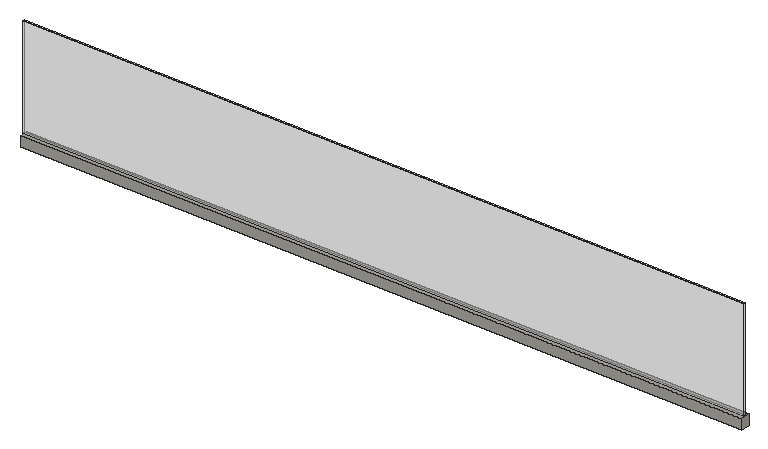
Revit family "Columns_&_Screens-Teknion-RCSLG_Lateral_Screen_for_Spine_Desk_Glass-R2019", category Furniture, Revit 2019
Family settings
  OmniClass Number = 23.40.20.00
  OmniClass Title = General Furniture and Specialties
  Work Plane-Based = No
  Always vertical = Yes
  Cut with Voids When Loaded = No
  Shared = Yes
  Room Calculation Point = No
Parameters (values of type "From Rear Edge, 42" High Datum Line With Desk-Mounted Option")
  Width [instance] = 84.000"
  Warranty = "http://www.teknion.com/ca/papers/legal-canada"
  Unit Weight URL = "http://www.teknion.com/ca/tools/assets#&asset=bee6a381-b954-425e-8283-5a2de3a804f2,f828d448-4b62-4231-9e5f-9a8991c0ed77"
  URL = "www.teknion.com"
  To render please download texture images found here [instance] = "https://assets.teknion.com/web/5e81352c1dfdb467/revit-material-swatches/"
  Sustainability Data = "https://www.teknion.com/ca/tools/assets#&topic=216f99a5-57a0-44fc-b10a-9dee9b29ae4c&asset=444deb64-fe58-4b68-981e-f75e97781df7,b4ff2d81-9f2e-437d-9659-7cffb09c31cf"
  Supporting Frame Finish [instance] = Paint - Teknion - Mica - Titanium Grey
  Series = "Expansion Desking"  # constant formula
  Screen Offset = if(From Two Central Screens, 0.508", 0.000")  # 0.000"
  Product Page URL = "https://www.teknion.com/ca/products/product-details?productLineId=2b4e336e-8e7a-673b-a6c8-ff00004460c4"
  Product Line = "Expansion Desking"  # constant formula
  Product Documentation Link = "https://www.teknion.com/pricing/expansion-desking/pdfs/RCSLG_ppg.pdf"
  Part Number = "RCSLG"  # constant formula
  Model = "RCSLGE13__"
  Manufacturer Phone = "416-661-3370"  # constant formula
  Manufacturer Fax = "416.661.4586"  # constant formula
  Manufacturer Contact Information = "http://www.teknion.com/ca/contactus"
  Manufacturer Address = "1150 Flint Road, Toronto, ON. M3J 2J5. Canada"  # constant formula
  Manufacturer = "Teknion"  # constant formula
  From Two Mounted Storage = no
  How To Use Teknion Materials User Guide [instance] = "https://assets.teknion.com/m/205dd0a49fa58060/original/How-to-add-a-Material-Library-and-Texture-Images-to-your-Revit-project.pdf"
  Height = 42.000"
  Glass Finish [instance] = Glass - Teknion - FT - Frosted Glass
  For Additional Finishes please visit [instance] = "https://assets.teknion.com/m/44a8009b046e5d47/original/Teknion_Materials_Library.zip"
  From Rear Edge = yes
  Description = "Lateral Screen for Spine Desk - Glass, From Rear Edge , 42\" High Datum Line with Desk-Mounted option"
  Connection Node Visibility [instance] = yes
  From Two Central Screens = no
  Bottom of Screen = 29.000"
  Available Widths [instance] = if(From Two Central Screens, "20\", 23\", 26\", 29\", 47\", 50\", 53\", 56\", 59\", 62\", 65\", 68\", 71\", 74\", 77\", 80\", or 83\"", if(From Rear Edge, "21\", 24\", 27\", 30\", 48\", 51\", 54\", 57\", 60\", 63\", 66\", 69\", 72\", 75\", 78\", 81\", or 84\"", "32\", 35\", 38\", 40\", 41\", 43\", 44\", 46\", 47\", 49\", 50\", 52\", 53\", 55\", 56\", 58\", 59\", 61\", 62\", 64\", 65\", 67\", 68\", 70\", 73\", or 76\""))  # "21\", 24\", 27\", 30\", 48\", 51\", 54\", 57\", 60\", 63\", 66\", 69\", 72\", 75\", 78\", 81\", or 84\""
  Assembly Code = "E2020200"
  Actual Width [instance] = if(From Two Central Screens, if(Width = 20.000", 21.508", if(Width = 23.000", 24.008", if(Width = 26.000", 27.508", if(Width = 29.000", 30.008", if(Width = 47.000", 48.508", if(Width = 50.000", 51.008", if(Width = 53.000", 54.508", if(Width = 56.000", 57.008", if(Width = 59.000", 60.508", if(Width = 62.000", 63.008", if(Width = 65.000", 66.508", if(Width = 68.000", 69.008", if(Width = 71.000", 72.508", if(Width = 74.000", 75.008", if(Width = 77.000", 78.508", if(Width = 80.000", 81.080", 84.508")))))))))))))))), if(From Two Mounted Storage, if(Width = 32.000", 31.661", if(Width = 35.000", 34.161", if(Width = 38.000", 37.661", if(Width = 40.000", 39.831", if(Width = 41.000", 40.161", if(Width = 43.000", 42.331", if(Width = 44.000", 43.661", if(Width = 46.000", 45.831", if(Width = 47.000", 46.161", if(Width = 49.000", 48.331", if(Width = 50.000", 49.661", if(Width = 52.000", 51.831", if(Width = 53.000", 52.161", if(Width = 55.000", 54.331", if(Width = 56.000", 55.661", if(Width = 58.000", 57.831", if(Width = 59.000", 58.161", if(Width = 61.000", 60.331", if(Width = 62.000", 61.661", if(Width = 64.000", 63.831", if(Width = 65.000", 64.161", if(Width = 67.000", 66.331", if(Width = 68.000", 67.661", if(Width = 70.000", 69.831", if(Width = 73.000", 72.331", 75.831"))))))))))))))))))))))))), Width))  # 84.000"
Types (10): name | Width | Screen Offset | Model | From Two Mounted Storage | Height | From Rear Edge | Description | From Two Central Screens | Available Widths | Actual Width
  (no name) | 84.000" | 0.000" | "RCSLGE13__" | no | 42.000" | yes | "Lateral Screen for Spine Desk - Glass, From Rear Edge , 42\" High Datum Line with Desk-Mounted option" | no | "21\", 24\", 27\", 30\", 48\", 51\", 54\", 57\", 60\", 63\", 66\", 69\", 72\", 75\", 78\", 81\", or 84\"" | 84.000"
  From Two Central Screens, 51" High Datum Line With Desk-Mounted Option | 83.000" | 0.508" | "RCSLGC22__" | no | 50.83071" | no | "Lateral Screen for Spine Desk - Glass, From Two Central Screens, 51\" High Datum Line with Desk-Mounted option" | yes | "20\", 23\", 26\", 29\", 47\", 50\", 53\", 56\", 59\", 62\", 65\", 68\", 71\", 74\", 77\", 80\", or 83\"" | 84.508"
  From Two Central Screens, 42" High Datum Line With Desk-Mounted Option | 83.000" | 0.508" | "RCSLGC13__" | no | 42.000" | no | "Lateral Screen for Spine Desk - Glass, From Two Central Screens, 42\" High Datum Line with Desk-Mounted option" | yes | "20\", 23\", 26\", 29\", 47\", 50\", 53\", 56\", 59\", 62\", 65\", 68\", 71\", 74\", 77\", 80\", or 83\"" | 84.508"
  From Two Central Screens, Desk-Mounted Shelf Height With Desk-Mounted Option | 83.000" | 0.508" | "RCSLGC07__" | no | 36.071" | no | "Lateral Screen for Spine Desk - Glass, From Two Central Screens, Desk-Mounted Shelf Height with Desk-Mounted option" | yes | "20\", 23\", 26\", 29\", 47\", 50\", 53\", 56\", 59\", 62\", 65\", 68\", 71\", 74\", 77\", 80\", or 83\"" | 84.508"
  From Rear Edge, 42" High Datum Line With Desk-Mounted Option | 84.000" | 0.000" | "RCSLGE13__" | no | 42.000" | yes | "Lateral Screen for Spine Desk - Glass, From Rear Edge , 42\" High Datum Line with Desk-Mounted option" | no | "21\", 24\", 27\", 30\", 48\", 51\", 54\", 57\", 60\", 63\", 66\", 69\", 72\", 75\", 78\", 81\", or 84\"" | 84.000"
  From Two Mounted Storage, 42" High Datum Line With Desk-Mounted Option | 76.000" | 0.000" | "RCSLGM13__" | yes | 42.000" | no | "Lateral Screen for Spine Desk - Glass, From Two Mounted Storage , 42\" High Datum Line with Desk-Mounted option" | no | "32\", 35\", 38\", 40\", 41\", 43\", 44\", 46\", 47\", 49\", 50\", 52\", 53\", 55\", 56\", 58\", 59\", 61\", 62\", 64\", 65\", 67\", 68\", 70\", 73\", or 76\"" | 75.831"
  From Rear Edge, 51" High Datum Line With Desk-Mounted Option | 84.000" | 0.000" | "RCSLGE22__" | no | 50.83071" | yes | "Lateral Screen for Spine Desk - Glass, From Rear Edge, 51\" High Datum Line with Desk-Mounted option" | no | "21\", 24\", 27\", 30\", 48\", 51\", 54\", 57\", 60\", 63\", 66\", 69\", 72\", 75\", 78\", 81\", or 84\"" | 84.000"
  From Two Mounted Storage, 51" High Datum Line With Desk-Mounted Option | 76.000" | 0.000" | "RCSLGM22__" | yes | 50.83071" | no | "Lateral Screen for Spine Desk - Glass, From Two Mounted Storage, 51\" High Datum Line with Desk-Mounted option" | no | "32\", 35\", 38\", 40\", 41\", 43\", 44\", 46\", 47\", 49\", 50\", 52\", 53\", 55\", 56\", 58\", 59\", 61\", 62\", 64\", 65\", 67\", 68\", 70\", 73\", or 76\"" | 75.831"
  From Rear Edge, Desk-Mounted Shelf Height With Desk-Mounted Option | 84.000" | 0.000" | "RCSLGE07__" | no | 36.071" | yes | "Lateral Screen for Spine Desk - Glass, From Rear Edge, Desk-Mounted Shelf Height with Desk-Mounted option" | no | "21\", 24\", 27\", 30\", 48\", 51\", 54\", 57\", 60\", 63\", 66\", 69\", 72\", 75\", 78\", 81\", or 84\"" | 84.000"
  From Two Mounted Storage, Desk-Mounted Shelf Height With Desk-Mounted Option | 76.000" | 0.000" | "RCSLGM07__" | yes | 36.071" | no | "Lateral Screen for Spine Desk - Glass, From Two Mounted Storage, Desk-Mounted Shelf Height with Desk-Mounted option" | no | "32\", 35\", 38\", 40\", 41\", 43\", 44\", 46\", 47\", 49\", 50\", 52\", 53\", 55\", 56\", 58\", 59\", 61\", 62\", 64\", 65\", 67\", 68\", 70\", 73\", or 76\"" | 75.831"
Reference planes (in)
  plane 1 "Center Front/Back": y = 0
  plane 2: z = 0
  plane 3 "Center Left/Right": x = 0
  plane 4 "Left": x = -42
  plane 5 "Right": x = 42
  plane 6 "Back": y = 0.50787
  plane 7 "Front": y = -0.50787
  plane 8 "Top": z = 42
  plane 9 "Bottom of Screen": z = 29
Forms (in)
  Sweep 1, solid, material "Paint - Teknion - Mica - Titanium Grey" <- "Supporting Frame Finish"
    path origin (0, 0, 0) x (1, 0, 0) y (0, 1, 0)
      loop
        line (0, -0.50787) -> (0, 0.50787)
    profile origin (0, 0, 0) x (-1, 0, 0) y (0, 0, 1)
      loop
        line (42, 30.18898) -> (-42, 30.18898) -> (-42, 29) -> (42, 29) -> (42, 30.18898)
  Sweep 2, solid, material "Glass - Teknion - FT - Frosted Glass" <- "Glass Finish"
    path origin (0, 0, 0) x (1, 0, 0) y (0, 1, 0)
      loop
        line (0, -0.11811) -> (0, 0.11811)
    profile origin (0, 0, 0) x (-1, 0, 0) y (0, 0, 1)
      loop
        line (42, 42) -> (-42, 42) -> (-42, 30.18898) -> (42, 30.18898) -> (42, 42)
Lines and regions (in)
  Masking region 1
    outline origin (0, 0, 0) x (1, 0, 0) y (0, 1, 0)
      loop
        line (-42, 0.50787) -> (-42, 0.11811) -> (42, 0.11811) -> (42, 0.50787) -> (-42, 0.50787)
  Masking region 2
    outline origin (0, 0, 0) x (1, 0, 0) y (0, 1, 0)
      loop
        line (-42, -0.11811) -> (42, -0.11811) -> (42, 0.11811) -> (-42, 0.11811) -> (-42, -0.11811)
  Masking region 3
    outline origin (0, 0, 0) x (1, 0, 0) y (0, 1, 0)
      loop
        line (-42, -0.11811) -> (-42, -0.50787) -> (42, -0.50787) -> (42, -0.11811) -> (-42, -0.11811)
  reference lines
    curve 1: line (-42, 0.50787, 0) -> (-42, -0.50787, 0)
    curve 2: line (42, 0.50787, 0) -> (42, -0.50787, 0)
Dimensions and locks (in)
  "Actual Width": plane 4 "Left" to plane 5 "Right"
  locked: plane 6 "Back" to plane 7 "Front" at 1.01575
  "Height": plane 8 "Top" to level
  equal spacing: plane 4 "Left", plane 3 "Center Left/Right", plane 5 "Right"
  equal spacing: plane 6 "Back", plane 1 "Center Front/Back", plane 7 "Front"
  "Bottom of Screen": plane 9 "Bottom of Screen" to level
  locked: Sweep 1 sketch curve to plane 9 "Bottom of Screen" at 1.18898
  Sweep 2 sketch curve to plane 1 "Center Front/Back" to Sweep 2 sketch curve = 0.11811" locked, 0.11811" locked
  locked: Sweep 2 sketch curve to plane 9 "Bottom of Screen" at 1.18898
  "Screen Offset": Sweep 1 sketch curve to plane 4 "Left"
  "Screen Offset": Sweep 1 sketch curve to plane 5 "Right"
  "Screen Offset": Sweep 2 sketch curve to plane 4 "Left"
  "Screen Offset": Sweep 2 sketch curve to plane 5 "Right"
  aligned and locked: level to plane 2
  aligned and locked: plane 6 "Back" to Sweep 1 sketch curve
  aligned and locked: plane 7 "Front" to Sweep 1 sketch curve
  aligned and locked: Sweep 1 sketch curve to plane 3 "Center Left/Right"
  aligned and locked: plane 9 "Bottom of Screen" to Sweep 1 sketch curve
  aligned and locked: plane 3 "Center Left/Right" to Sweep 2 sketch curve
  aligned and locked: Sweep 2 sketch curve to plane 8 "Top"
  aligned and locked: Masking region 1 sketch curve to plane 6 "Back"
  aligned and locked: Masking region 1 sketch curve to Sweep 1  (x2)
  aligned and locked: nested 2 to plane 4 "Left"
  aligned and locked: nested 2 to plane 1 "Center Front/Back"
  aligned and locked: plane 1 "Center Front/Back" to nested 1
  aligned and locked: nested 1 to plane 5 "Right"
  aligned and locked: Masking region 1 sketch curve to Sweep 2
  aligned and locked: Masking region 2 sketch curve to Sweep 2  (x3)
  aligned and locked: Sweep 1 to Masking region 2 sketch curve
  aligned and locked: Masking region 3 sketch curve to Sweep 2  (x2)
  aligned and locked: Masking region 3 sketch curve to Sweep 1  (x2)
  aligned and locked: curve 1 to plane 4 "Left"
  aligned and locked: curve 2 to plane 5 "Right"
Automatic sketch dimensions
  plane 7 "Front" to curve 1 = 0.000"
  curve 1 to plane 6 "Back" = 0.000"
  plane 7 "Front" to curve 2 = 0.000"
  curve 2 to plane 6 "Back" = 0.000"
Nested families (in)
  nested 1: "Teknion_2D_Node_Family-R2016" at (42, 0, 0), visible <- "Connection Node Visibility", type "Teknion_2D_Node_Family-R2016"
  nested 2: "Teknion_2D_Node_Family-R2016" at (-42, 0, 0), visible <- "Connection Node Visibility", type "Teknion_2D_Node_Family-R2016"
Definition of nested family "Teknion_2D_Node_Family-R2016"
  Reference planes (in)
    plane 1 "Center (Front/Back)": y = 0
    plane 2: z = 0
    plane 3 "Center (Left/Right)": x = 0
  Lines and regions (in)
    detail lines, in view "Ref. Level"
      curve 1: circle (0, 0, 0) r 1.25 normal (0, 0, 1)
      curve 2: line (1.91508, -1.91508, 0) -> (-1.91508, 1.91508, 0)
      curve 3: line (-1.91508, -1.91508, 0) -> (1.91508, 1.91508, 0)
